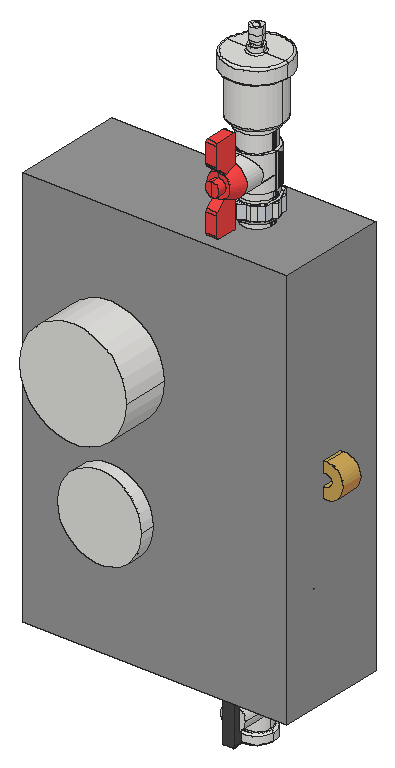
Revit family "VT.VAR00.G.07", category Оборудование, Revit 2019
Family settings
  Размер круглого соединителя = Использовать диаметр
  Тип детали = Нормальный
  Номер OmniClass = 23.75.00.00
  Заголовок OmniClass = Climate Control (HVAC)
  На основе рабочей плоскости = Нет
  Всегда вертикально = Да
  При загрузке вырезать с полостями = Нет
  Общий = Нет
  Точка расчета площади = Нет
Parameters
  Страна изготовитель = "Italy"
  Размер соединения = "G 1\"1/4 F"
  Производитель = "IVAR"
  Практическое руководство по использованию семьи = "- Вы можете выбрать, где разместить обратное соединение.\r\nОтметьте эту опцию в параметрах «Свойства модели - Прямое обратное соединение» или «Свойства модели - Угловое обратное соединение»."
  Полный гидравлический возвратный поток = 0.0 L/s
  Описание Конфигурации = "Гидравлический сепаратор / выравниватель давления с датчиком температуры / давления и автоматическим вентиляционным клапаном для системы VARIMIX."
  Описание OmniClass = "HVAC Специальные продукты и оборудование"
  Общий поток подачи гидравлики = 0.0 L/s
  Номинальная ширина = 0 mm
  Номинальная высота = 0 mm
  Материал основной = "Латунь"
  Материал = "Латунь - CB753S"
  Макс рабочее давление (бар) = 10.0 bar
  Макс рабочая температура (°C) = 120 °C
  Код основной категории BIMobject = "водопровод"
  Код категории BIMобъекта = "водопроводным-другой"
  Инструкция по установке = "https://valtec.ru/catalog/sistemy_modulnogo_montazha/gruppy_bystrogo_montazha/gidravlicheskaya_strelka_vtvar00g.html"
  Пенополистрирольная теплоизоляция = yes
  Группа товаров = "VARIMIX"
  Вес нетто (кг) = "4,5"
  y [instance] = if(Прямое обратное соединение, 0 mm, 39 mm)  # 0 mm
  x [instance] = if(Прямое обратное соединение, 0 mm, 37 mm)  # 0 mm
  VALTEC = "https://valtec.ru/catalog/sistemy_modulnogo_montazha/gruppy_bystrogo_montazha/gidravlicheskaya_strelka_vtvar00g.html"
  URL = "https://valtec.ru/"
  Revit Version = "2018"  # constant formula
  Группа модели = "VAR 00"
  Максимальная скорость потока (л/ч) = 4500
  Изготовитель = "IVAR"  # constant formula
  Product Line = "модуль быстрого монтажа VARIMIX гидравлический разделитель (гидрострелка)"  # constant formula
  Produced in = "Made in Italy"  # constant formula
  Family Version = "Rev.00"  # constant formula
  EMCS Version = "3.0"  # constant formula
  Discharge of responsability = "BIM models made by I.V.A.R. S.p.A. are designed as an aid to design and they must be always verified by the end user. I.V.A.R. S.p.A. has no responsibility for any direct or indirect damages of any kind, deriving or resulting from the use of such files."  # constant formula
  Описание = "Hydraulic separator/pressure equalizer with temperature/pressure guage and automatic air vent valve for VARIMIX system"  # constant formula
  Прямое обратное соединение [instance] = yes
  Copyright = "©Copyright 2019 I.V.A.R. S.p.A. "  # constant formula
  BIMобъект основная категория = "водопровод"
  BIMобъект категории = "Другие"
  Article Type = Группа модели  # "VAR 00"
  Article Description = Описание  # "Hydraulic separator/pressure equalizer with temperature/pressure guage and automatic air vent valve for VARIMIX system"
  Угол обратного соединения [instance] = not(Прямое обратное соединение)  # no
  Angle [instance] = if(Прямое обратное соединение, 0.00°, 90.00°)  # 0.00°
  2.0 Описание = "Клапаны"
  1.4 Описание = "Климат-контроль установки и оборудование (HVAC)"
Reference planes
  plane 1 "RIF X": y = 0
  plane 2: z = 0
  plane 3 "RIF Y": x = 0
  plane 4: z = -100
  plane 5: x = -73
  plane 6 "dietro": y = 69
  plane 7 "davanti": y = -69
  plane 8 "aaaa": z = 232.3
  plane 9 "bbbb": z = -244.3
  plane 10 "cccc": x = 71.021
Forms (mm)
  Revolve 1, solid, material "Copper - Nickel", detail levels medium+fine
    sketch origin (0, 0, 0) x (1, 0, 0) y (0, 0, 1)
      loop
        line (0, 95.423) -> (13.5, 95.423) -> (13.5, 97.5) -> (10.955, 97.5) -> (10.955, 105) -> (12.93, 105)
        arc (12.93, 105) -> (14.344, 105.586) -> (14.93, 107) r 2
        line (14.93, 107) -> (14.93, 108.279) -> (0, 108.279) -> (0, 95.423)
      axis (0, 108.279) -> (0, 95.423)
    angle from 0 to 360
  Revolve 2, solid, material "BRASS - CW617N", detail levels medium+fine
    sketch origin (0, 0, 0) x (1, 0, 0) y (0, 0, 1)
      loop
        line (0, 95.423) -> (-13.5, 95.423) -> (-13.5, 84.819)
        arc (-13.5, 84.819) -> (-14.232, 82.662) -> (-16.126, 81.397) r 3.543
        line (-16.126, 81.397) -> (-18.202, 80.841)
        arc (-18.202, 80.841) -> (-33.922, 70.337) -> (-40, 52.433) r 29.41
        line (-40, 52.433) -> (-40, -146.005)
        arc (-40, -146.005) -> (-38.595, -152.345) -> (-34.642, -157.496) r 15
        line (-34.642, -157.496) -> (-14.899, -174.062)
        arc (-14.899, -174.062) -> (-13.867, -175.407) -> (-13.5, -177.063) r 3.917
        line (-13.5, -177.063) -> (-13.5, -189.923) -> (-12.558, -190.467) -> (-12.558, -195.625) -> (-11, -195.625) -> (-11, -193.3) -> (0, -193.3) -> (0, 95.423)
      axis (0, 95.423) -> (0, -195.625)
    angle from 0 to 360
  Revolve 3, solid, material "BRASS - CW617N", detail levels medium+fine
    sketch origin (0, 0, 0) x (1, 0, 0) y (0, 0, 1)
      loop
        line (-112, 0) -> (55, 0) -> (55, 25.5) -> (52.102, 25.5)
        arc (52.102, 25.5) -> (51.238, 25.301) -> (50.547, 24.745) r 1.977
        arc (50.547, 24.745) -> (49.867, 24.196) -> (49.015, 24) r 1.949
        line (49.015, 24) -> (-106.07, 24)
        arc (-106.07, 24) -> (-106.91, 24.193) -> (-107.582, 24.735) r 1.921
        arc (-107.582, 24.735) -> (-108.28, 25.299) -> (-109.155, 25.5) r 2
        line (-109.155, 25.5) -> (-112, 25.5) -> (-112, 0)
      axis (-112, 0) -> (55, 0)
    angle from 0 to 360
  Revolve 4, solid, material "BRASS - CW617N", visible <- "Угол обратного соединения", detail levels medium+fine
    sketch origin (0, 0, 0) x (1, 0, 0) y (0, 0, 1)
      loop
        line (-129.5, -88) -> (-129.5, -90) -> (-130.994, -90) -> (-130.994, -91.049) -> (-135, -91.049) -> (-135, -93.1) -> (-137.375, -93.1) -> (-139.85, -93.1) -> (-140.5, -93.75) -> (-140.5, -100) -> (-112, -100) -> (-112, -80.453) -> (-122.5, -80.453) -> (-122.5, -88) -> (-129.5, -88)
      axis (-112, -100) -> (-140.5, -100)
    angle from 0 to 360
  Revolve 5, solid, material "BRASS - CW617N", detail levels medium+fine
    sketch origin (0, 0, 0) x (1, 0, 0) y (0, 0, 1)
      loop
        arc (-97, -133.979) -> (-97.198, -134.848) -> (-97.752, -135.547) r 2.009
        arc (-97.752, -135.547) -> (-98.303, -136.24) -> (-98.5, -137.104) r 1.997
        line (-98.5, -137.104) -> (-98.5, -139.33) -> (-96, -140) -> (-73, -140) -> (-73, -100) -> (-97, -100) -> (-97, -133.979)
      axis (-73, -100) -> (-73, -140)
    angle from 0 to 360
  Revolve 6, solid, material "BRASS - CW617N", detail levels medium+fine
    sketch origin (0, 0, 0) x (1, 0, 0) y (0, 0, 1)
      loop
        line (-73, 47) -> (-79.25, 47) -> (-79.9, 46.35) -> (-79.9, 43.875) -> (-79.236, 43.211) -> (-79.236, 41.5) -> (-82.187, 41.5) -> (-82.187, 37.5) -> (-82.997, 37.5) -> (-82.997, 36) -> (-85, 36) -> (-86.999, 35.647) -> (-86.999, 30.647)
        arc (-86.999, 30.647) -> (-86.732, 29.651) -> (-86, 28.923) r 1.988
        line (-86, 28.923) -> (-84.983, 28.34)
        arc (-84.983, 28.34) -> (-84.264, 27.624) -> (-84, 26.643) r 1.956
        line (-84, 26.643) -> (-84, 0) -> (-73, 0) -> (-73, 47)
      axis (-73, 47) -> (-73, 0)
    angle from 0 to 360
  Extrusion 7, solid, material "BRASS - CW617N", detail levels medium+fine
    sketch origin (0, 0, 0) x (1, 0, 0) y (0, 0, 1)
      loop
        line (-106.5, -88.044) -> (-90.561, -88.044) -> (-90.561, -56.889)
        arc (-90.561, -56.889) -> (-89.714, -54.846) -> (-87.672, -54) r 2.889
        line (-87.672, -54) -> (-80.699, -54)
        arc (-80.699, -54) -> (-79.618, -54.317) -> (-78.881, -55.169) r 1.997
        arc (-78.881, -55.169) -> (-74.259, -60.509) -> (-67.483, -62.5) r 12.526
        line (-67.483, -62.5) -> (-33.64, -62.5) -> (-33.64, -54.5) -> (-67.517, -54.5)
        arc (-67.517, -54.5) -> (-72.017, -50) -> (-67.517, -45.5) r 4.5
        line (-67.517, -45.5) -> (-33.64, -45.5) -> (-33.64, -37.5) -> (-67.483, -37.5)
        arc (-67.483, -37.5) -> (-74.259, -39.491) -> (-78.881, -44.831) r 12.526
        arc (-78.881, -44.831) -> (-79.618, -45.683) -> (-80.699, -46) r 1.997
        line (-80.699, -46) -> (-87.676, -46)
        arc (-87.676, -46) -> (-89.716, -45.155) -> (-90.561, -43.116) r 2.884
        line (-90.561, -43.116) -> (-90.561, -11.309) -> (-106.5, -11.309) -> (-106.5, -88.044)
    from -8 to 8
  Extrusion 8, solid, material "BRASS - CW617N", detail levels medium+fine
    sketch origin (0, 0, 0) x (1, 0, 0) y (0, 0, 1)
      loop
        line (21.333, -37.5) -> (21.333, -45.5) -> (58.5, -45.5)
        arc (58.5, -45.5) -> (63, -50) -> (58.5, -54.5) r 4.5
        line (58.5, -54.5) -> (21.333, -54.5) -> (21.333, -62.5) -> (58.521, -62.5)
        arc (58.521, -62.5) -> (71.021, -50) -> (58.521, -37.5) r 12.5
        line (58.521, -37.5) -> (21.333, -37.5)
    from -8 to 8
  Revolve 9, solid, material "Copper - Nickel", detail levels fine
    sketch origin (0, 0, 0) x (1, 0, 0) y (0, 0, 1)
      loop
        line (0, -193.3) -> (-15.365, -193.3) -> (-15.365, -206.3) -> (-13.05, -206.3) -> (-13.05, -208.066) -> (-12, -209.3) -> (-11, -209.3) -> (-11, -217.886) -> (-10.5, -218.904) -> (-10.5, -235.681)
        arc (-10.5, -235.681) -> (-10.629, -236.164) -> (-10.983, -236.518) r 0.966
        line (-10.983, -236.518) -> (-13.05, -237.711) -> (-13.05, -243) -> (-11.75, -244.3) -> (0, -244.3) -> (0, -193.3)
      axis (0, -193.3) -> (0, -244.3)
    angle from 0 to 360
  Extrusion 10, solid, material "Copper - Nickel", detail levels fine
    sketch origin (0, 0, 0) x (1, 0, 0) y (0, 0, 1)
      loop
        circle (0.072, -222.3) r 9.159
    from 0 to 22
  Extrusion 11, solid, material "EPDM - Black", detail levels fine
    sketch origin (0, 0, 0) x (1, 0, 0) y (0, 0, 1)
      loop
        arc (-3.005, -204.3) -> (-4.075, -204.743) -> (-4.518, -205.814) r 1.514
        line (-4.518, -205.814) -> (-4.518, -238.79)
        arc (-4.518, -238.79) -> (-4.076, -239.858) -> (-3.008, -240.3) r 1.51
        line (-3.008, -240.3) -> (3.001, -240.3)
        arc (3.001, -240.3) -> (4.074, -239.855) -> (4.518, -238.782) r 1.518
        line (4.518, -238.782) -> (4.518, -205.841)
        arc (4.518, -205.841) -> (4.067, -204.751) -> (2.978, -204.3) r 1.541
        line (2.978, -204.3) -> (-3.005, -204.3)
    from 20 to 26
  Extrusion 12, solid, material "Copper - Nickel", detail levels fine
    sketch origin (899.69, -45, 0) x (1, 0, 0) y (0, 0, 1)
      loop
        circle (-972.69, 0) r 40
    from 0 to 34.5
  Extrusion 13, solid, material "Copper - Nickel", detail levels fine
    sketch origin (899.69, -30, 0) x (1, 0, 0) y (0, 0, 1)
      loop
        circle (-972.69, 0) r 7
    from -30 to 15
  Extrusion 14, solid, material "Copper - Nickel", detail levels fine
    sketch origin (899.69, -30, -100) x (1, 0, 0) y (0, 0, 1)
      loop
        circle (-972.69, 0) r 7
    from -30 to 15
  Extrusion 15, solid, material "Copper - Nickel", detail levels fine
    sketch origin (899.69, -45, 0) x (1, 0, 0) y (0, 0, 1)
      loop
        circle (-972.69, -100) r 31.5
    from 0 to 10
  Extrusion 16, solid, material "PPE - INSULATION", visible <- "Пенополистрирольная теплоизоляция"
    sketch origin (-0.5, 0, 0) x (1, 0, 0) y (0, 0, 1)
      loop
        line (-140.5, 100.323) -> (-140.5, -199.677) -> (56.116, -199.677) -> (56.116, 100.323) -> (-140.5, 100.323)
    from -41.5 to 41.5
  Extrusion 17, solid, not visible
    sketch origin (53, 0, 0) x (0, 1, 0) y (0, 0, 1)
      loop
        circle (0, 0) r 1
    from 0 to 1
  Extrusion 18, solid, not visible
    sketch origin (-111, 0, 0) x (0, 1, 0) y (0, 0, 1)
      loop
        circle (0, 0) r 1
    from 0 to 1
  Extrusion 19, solid, not visible
    sketch origin (53, 0, -100) x (0, 1, 0) y (0, 0, 1)
      loop
        circle (0, 0) r 1
    from 0 to 1
  Revolve 20, solid, material "BRASS - CW617N", detail levels medium+fine
    sketch origin (0, 0, -100) x (1, 0, 0) y (0, 0, 1)
      loop
        line (-112, 0) -> (55, 0) -> (55, 25.5) -> (52.102, 25.5)
        arc (52.102, 25.5) -> (51.238, 25.301) -> (50.547, 24.745) r 1.977
        arc (50.547, 24.745) -> (49.867, 24.196) -> (49.015, 24) r 1.949
        line (49.015, 24) -> (-106.07, 24)
        arc (-106.07, 24) -> (-106.91, 24.193) -> (-107.582, 24.735) r 1.921
        arc (-107.582, 24.735) -> (-108.28, 25.299) -> (-109.155, 25.5) r 2
        line (-109.155, 25.5) -> (-112, 25.5) -> (-112, 0)
      axis (-112, 0) -> (55, 0)
    angle from 0 to 360
  Revolve 21, solid, material "BRASS - CW617N", visible <- "Прямое обратное соединение", detail levels medium+fine
    sketch origin (-173, 0, -28) x (0, 0, 1) y (-1, 0, 0)
      loop
        line (-129.5, -88) -> (-129.5, -90) -> (-130.994, -90) -> (-130.994, -91.049) -> (-135, -91.049) -> (-135, -93.1) -> (-137.375, -93.1) -> (-139.85, -93.1) -> (-140.5, -93.75) -> (-140.5, -100) -> (-112, -100) -> (-112, -80.453) -> (-122.5, -80.453) -> (-122.5, -88) -> (-129.5, -88)
      axis (-112, -100) -> (-140.5, -100)
    angle from 0 to 360
  Extrusion 22, solid, detail levels medium+fine
    sketch origin (0, -321.428, 108.279) x (1, 0, 0) y (0, 1, 0)
      loop
        line (15.568, 329.02) -> (1.208, 338.706) -> (-14.359, 331.113) -> (-15.568, 313.835) -> (-1.208, 304.149) -> (14.359, 311.742) -> (15.568, 329.02)
    from 0 to 10
  Revolve 23, solid, material "Brass - Nickel", detail levels medium+fine
    sketch origin (0, 0, 0) x (1, 0, 0) y (0, 0, 1)
      loop
        line (0, 118.279) -> (13.053, 118.279) -> (13.053, 120.8) -> (14.068, 120.8) -> (14.068, 125.8) -> (15.068, 125.8) -> (15.068, 151.536) -> (12.5, 151.536) -> (12.5, 165.3) -> (0, 165.3) -> (0, 118.279)
      axis (0, 165.3) -> (0, 118.279)
    angle from 0 to 360
  Revolve 24, solid, material "Plastic - Red", detail levels medium+fine
    sketch origin (0, 382.931, 0) x (0, -1, 0) y (0, 0, 1)
      loop
        line (424.306, 138.634) -> (424.306, 143.8) -> (418.306, 143.8) -> (418.306, 147.3) -> (408.003, 151.05) -> (408.003, 138.634) -> (424.306, 138.634)
      axis (424.306, 138.634) -> (408.003, 138.634)
    angle from 0 to 360
  Extrusion 25, solid, material "Plastic - Red", detail levels fine
    sketch origin (4, 382.931, 0) x (0, -1, 0) y (0, 0, 1)
      loop
        line (423.711, 170.568) -> (409.117, 171.333)
        arc (409.117, 171.333) -> (408.335, 171.044) -> (408.006, 170.278) r 1.056
        line (408.006, 170.278) -> (408.006, 107.388)
        arc (408.006, 107.388) -> (408.354, 106.576) -> (409.183, 106.271) r 1.119
        line (409.183, 106.271) -> (423.599, 107.026)
        arc (423.599, 107.026) -> (424.598, 107.487) -> (425.006, 108.509) r 1.485
        line (425.006, 108.509) -> (425.006, 122.922)
        arc (425.006, 122.922) -> (424.805, 123.826) -> (424.242, 124.56) r 2.139
        line (424.242, 124.56) -> (417.183, 130.483) -> (417.183, 147.117) -> (424.083, 152.907)
        arc (424.083, 152.907) -> (424.764, 153.793) -> (425.006, 154.885) r 2.582
        line (425.006, 154.885) -> (425.006, 169.204)
        arc (425.006, 169.204) -> (424.63, 170.144) -> (423.711, 170.568) r 1.366
    from 0 to 7.9
  Revolve 26, solid, material "Copper - Nickel", detail levels medium+fine
    sketch origin (0, 0.431, 0) x (0, -1, 0) y (0, 0, 1)
      loop
        line (0, 95.423) -> (13.5, 95.423) -> (13.5, 97.5) -> (10.955, 97.5) -> (10.955, 105) -> (12.93, 105)
        arc (12.93, 105) -> (14.344, 105.586) -> (14.93, 107) r 2
        line (14.93, 107) -> (14.93, 108.279) -> (0, 108.279) -> (0, 95.423)
      axis (0, 108.279) -> (0, 95.423)
    angle from 0 to 360
  Extrusion 27, solid, material "Brass - Nickel", detail levels medium+fine
    sketch origin (-321.428, 0.431, 108.279) x (0, -1, 0) y (1, 0, 0)
      loop
        line (15.568, 329.02) -> (1.208, 338.706) -> (-14.359, 331.113) -> (-15.568, 313.835) -> (-1.208, 304.149) -> (14.359, 311.742) -> (15.568, 329.02)
    from 0 to 10
  Revolve 28, solid, detail levels medium+fine
    sketch origin (0, 0.431, 0) x (0, -1, 0) y (0, 0, 1)
      loop
        line (0, 118.279) -> (13.053, 118.279) -> (13.053, 120.8) -> (14.068, 120.8) -> (14.068, 125.8) -> (15.068, 125.8) -> (15.068, 151.536) -> (12.5, 151.536) -> (12.5, 165.3) -> (0, 165.3) -> (0, 118.279)
      axis (0, 165.3) -> (0, 118.279)
    angle from 0 to 360
  Revolve 29, solid, material "Brass - Nickel", detail levels medium+fine
    sketch origin (0, 0, 0) x (1, 0, 0) y (0, 0, 1)
      loop
        line (0, 232.3) -> (0, 165.3) -> (15, 165.3) -> (15, 169.8) -> (17.699, 169.8)
        arc (17.699, 169.8) -> (18.753, 170.236) -> (19.189, 171.29) r 1.49
        line (19.189, 171.29) -> (19.189, 202.587) -> (22.587, 202.587) -> (23.3, 203.3) -> (23.157, 212.356)
        arc (23.157, 212.356) -> (22.719, 213.378) -> (21.689, 213.8) r 1.468
        line (21.689, 213.8) -> (6.626, 213.8)
        arc (6.626, 213.8) -> (5.924, 214.084) -> (5.616, 214.775) r 1.011
        line (5.616, 214.775) -> (5.51, 217.8) -> (3.8, 217.8) -> (3.8, 219.3) -> (3.8, 222) -> (4.837, 222) -> (4.837, 226.014) -> (4.837, 230.8) -> (2, 230.8) -> (1.134, 232.3) -> (0, 232.3)
      axis (0, 232.3) -> (0, 165.3)
    angle from 0 to 360
  Revolve 30, solid, material "Brass - Nickel", detail levels medium+fine
    sketch origin (0, 382.341, 0) x (0, -1, 0) y (0, 0, 1)
      loop
        line (407.413, 150.6) -> (377.341, 150.6) -> (377.341, 138.634) -> (407.413, 138.634) -> (407.413, 150.6)
      axis (377.341, 138.634) -> (407.413, 138.634)
    angle from 0 to 360
Lines and regions (mm)
  model lines, style "IVAR_LOW PROFILE", detail levels coarse
    curve 1: line (-141, 41.5, 232.3) -> (71.021, 41.5, 232.3)
    curve 2: line (-141, -41.5, 232.3) -> (-141, 41.5, 232.3)
    curve 3: line (71.021, -41.5, 232.3) -> (-141, -41.5, 232.3)
    curve 4: line (-141, 41.5, -244.3) -> (71.021, 41.5, -244.3)
    curve 5: line (-141, -41.5, -244.3) -> (-141, 41.5, -244.3)
    curve 6: line (71.021, -41.5, -244.3) -> (-141, -41.5, -244.3)
    curve 7: line (-141, -41.5, -244.3) -> (-141, -41.5, 232.3)
    curve 8: line (-141, 41.5, -244.3) -> (-141, 41.5, 232.3)
    curve 9: line (71.021, -41.5, 232.3) -> (71.021, -41.5, -244.3)
    curve 10: line (71.021, 41.5, 232.3) -> (71.021, -41.5, 232.3)
    curve 11: line (71.021, 41.5, 232.3) -> (71.021, 41.5, -244.3)
    curve 12: line (71.021, 41.5, -244.3) -> (71.021, -41.5, -244.3)
Dimensions and locks
  aligned and locked: plane 2 to level
  aligned and locked: Revolve 2 sketch curve to plane 3 "RIF Y"
  aligned and locked: Revolve 3 sketch curve to level
  aligned and locked: Revolve 5 sketch curve to plane 5
  aligned and locked: Revolve 6 sketch curve to plane 5
  aligned and locked: Revolve 9 sketch curve to plane 3 "RIF Y"
  aligned and locked: nested 1 to Revolve 4 sketch curve
Nested families
  nested 1: "Connector Rotable_Supply IN" at (-111, 0, -100) x (0, -1, 0) z (0, 0, 1), Angle <- "Angle", x <- "x", y <- "y", type "Connector Rotable_Supply IN", detail levels medium+fine
    with y 0 mm, x 0 mm, Angle 0.00°
Connectors
  piping at (54, 0, 0), diameter 32, driven by "Общий поток подачи гидравлики"
    settings: on Extrusion 17, index 1, connector inside diameter 609.6 mm, connector length 0 mm, flow factor 0, pipe flow 0.0 L/s, pressure drop 0.0 bar, fitting loss kfactor 0, connector angle 0.00°, fixture units 0, engagement length 0 mm, angle of deflection 0.00°, flow configuration 0, flow direction 2, fitting loss method 0, system type 7, joint type 0, gender type 0, connector reference index -1, connector utility 0, adjustable connector no, is connector primary yes, connector description "Total Hydronic Supply Flow_OUT"
  piping at (-111, 0, 0), diameter 32, driven by "Общий поток подачи гидравлики"
    settings: on Extrusion 18, index 2, connector inside diameter 609.6 mm, connector length 0 mm, flow factor 0, pipe flow 0.0 L/s, pressure drop 0.0 bar, fitting loss kfactor 0, connector angle 0.00°, fixture units 0, engagement length 0 mm, angle of deflection 0.00°, flow configuration 1, flow direction 1, fitting loss method 0, system type 7, joint type 0, gender type 0, connector reference index -1, connector utility 0, adjustable connector no, is connector primary no, connector description "Total Hydronic Supply Flow_IN"
  piping at (54, 0, -100), diameter 32, driven by "Полный гидравлический возвратный поток"
    settings: on Extrusion 19, index 3, connector inside diameter 609.6 mm, connector length 0 mm, flow factor 0, pipe flow 0.0 L/s, pressure drop 0.0 bar, fitting loss kfactor 0, connector angle 0.00°, fixture units 0, engagement length 0 mm, angle of deflection 0.00°, flow configuration 0, flow direction 1, fitting loss method 0, system type 8, joint type 0, gender type 0, connector reference index -1, connector utility 0, adjustable connector no, is connector primary no, connector description "Total Hydronic Return Flow_IN"
  piping at (-111, 0, -100), diameter 32, driven by "Полный гидравлический возвратный поток"
    settings: on nested 1, index 4, connector inside diameter 609.6 mm, connector length 0 mm, flow factor 0, pipe flow 0.0 L/s, pressure drop 0.0 bar, fitting loss kfactor 0, connector angle 0.00°, fixture units 0, engagement length 0 mm, angle of deflection 0.00°, flow configuration 1, flow direction 2, fitting loss method 0, system type 8, joint type 0, gender type 0, connector reference index -1, connector utility 0, adjustable connector no, is connector primary no, connector description "Total Hydronic Return Flow_OUT"
Definition of nested family "Connector Rotable_Supply IN"
  Parameters (values of type "Connector Rotable_Supply IN")
    y [instance] = 0 mm
    x [instance] = 0 mm
    Angle [instance] = 90.00°
  Reference planes
    plane 1 "Centro (Fronte/Retro)": y = 0
    plane 2: z = 0
    plane 3 "Centro (Sinistra/Destra)": x = 0
    plane 4: z = 0
    plane 5: y = 0
  Dimensions and locks
    "x": plane 1 "Centro (Fronte/Retro)" to plane 5
    "y": plane 2 to plane 4
    aligned and locked: level to plane 2
    aligned and locked: nested 1 to plane 5
    aligned and locked: plane 4 to nested 1
  Nested families
    nested 1: "Disco" at (0, 0, 0), Real angle <- "Angle", type "Disco"
      with Real angle 90.00°, Angle 92.00°
  Definition of nested family "Disco"
    Parameters (values of type "Disco")
      Angle [instance] = Real angle + 2.00°  # 47.00°
      Real angle [instance] = 45.00°
    Reference planes
      plane 1 "Centro (Fronte/Retro)": y = 0
      plane 2: z = 0
      plane 3 "Centro (Sinistra/Destra)": x = 0
    Forms (mm)
      Sweep 1, solid
        path in 3D
          loop
            line (0, 0, 0) -> (0, 1.41, 1.41)
        profile origin (0, 0.705, 0.705) x (0, -0.707107, 0.707107) y (1, 0, 0)
          loop
            circle (0, 0) r 1
    Lines and regions (mm)
      reference lines
        curve 1: line (0, 0, 0) -> (0, 42.426, 42.426)
        curve 3: line (0, 0, 0) -> (0, -704.571, 24.604)
      sketch lines
        curve 2: line (0, 0, 0) -> (0, 1.41, 1.41)
    Dimensions and locks
      locked: curve 3 to level (angle 2.00°)
      "Angle": angle curve 3 to curve 1
      aligned and locked: level to plane 2
    Automatic sketch dimensions
      Sweep 1 sketch curve to profile plane = 0 mm  (x2)
      curve 3 to level = 0 mm
      curve 3 to plane 1 "Centro (Fronte/Retro)" = 0 mm
      radius of Sweep 1 sketch curve = 1 mm
